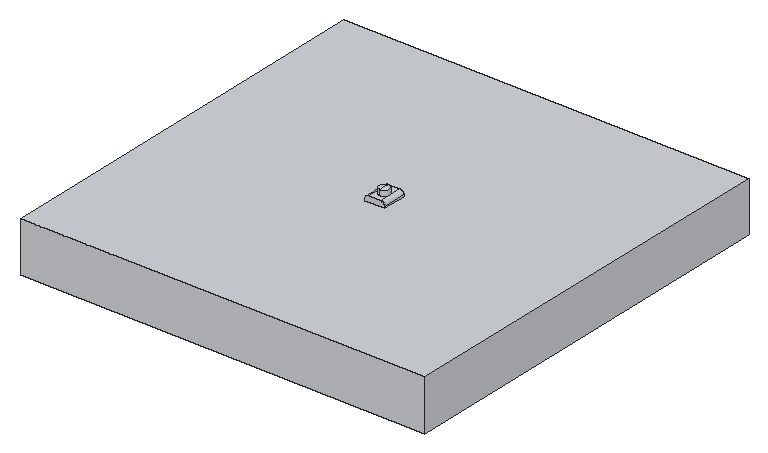
Revit family "M_Estroboscópio da sirene do alarme de incêndio - Montado na parede", category Dispositivos de alarme de incêndio, Revit 2019
Family settings
  Hospedeiro = Face
  Manter orientação da anotação = Sim
  Cota do conector redondo = Utilizar diâmetro
  Tipo de parte = Normal
  Número OmniClass = 23.85.30.21.11.17
  Título OmniClass = Other Components
  ID de item do Seek = Fire Alarm Horn Strobe - Wall Mounted-0000-CAN-ENU
  Corte com vazios quando carregada = Não
  Compartilhado = Não
  Ponto de cálculo do ambiente = Não
Parameters (values of type "Padrão")
  Material da sirene = none
  Elevação-padrão = 1200 mm
Reference planes
  plane 1 "Centro (Frente/Trás)": y = 0
  plane 2: z = 0
  plane 3 "Centro (Esquerda/Direita)": x = 0
  plane 4: z = -38.1
  plane 5: z = 33.02
  plane 6: z = 63.5
  plane 7: x = 59.69
  plane 8: x = -59.69
  plane 9: y = 71.12
  plane 10: y = -71.12
Forms (mm)
  Extrusion 1, solid
    sketch origin (0, 0, 0) x (1, 0, 0) y (0, 1, 0)
      loop
        line (-1219.2, 1219.2) -> (-1219.2, -1219.2) -> (1219.2, -1219.2) -> (1219.2, 1219.2) -> (-1219.2, 1219.2)
    from 0 to -304.8
  Extrusion 2, solid, material <- "Material da sirene"
    sketch origin (0, 0, 0) x (1, 0, 0) y (0, 1, 0)
      loop
        line (-50.8, 50.8) -> (-50.8, -50.8) -> (50.8, -50.8) -> (50.8, 50.8) -> (-50.8, 50.8)
    from 0 to -38.1
  Revolve 3, solid, material <- "Material da sirene"
    sketch origin (0, 0, 0) x (0, 1, 0) y (0, 0, 1)
      loop
        arc (31.75, 58.412) -> (16.078, 62.22) -> (0, 63.5) r 101.6
        line (0, 63.5) -> (0, 33.02) -> (31.75, 33.02) -> (31.75, 58.412)
      axis (0, 63.5) -> (0, 33.02)
    angle from 0 to 360
  Extrusion 4, solid, material <- "Material da sirene"
    sketch origin (0, 0, 0) x (1, 0, 0) y (0, 0, 1)
      loop
        line (-59.69, 0) -> (59.69, 0) -> (59.69, 7.62)
        arc (59.69, 7.62) -> (52.251, 25.581) -> (34.29, 33.02) r 25.4
        line (34.29, 33.02) -> (-34.29, 33.02)
        arc (-34.29, 33.02) -> (-52.251, 25.581) -> (-59.69, 7.62) r 25.4
        line (-59.69, 7.62) -> (-59.69, 0)
    from -71.12 to 71.12
Cuts and joins
  joined: Extrusion 2, Revolve 3, Extrusion 4
Lines and regions (mm)
  symbolic lines, detail levels fine
    curve 1: line (34.29, 0, 33.02) -> (-34.29, 0, 33.02)
    curve 2: line (-59.69, 0, 0) -> (59.69, 0, 0)
    curve 3: line (-50.8, 0, 0) -> (-50.8, 0, -38.1)
    curve 4: line (-50.8, 0, -38.1) -> (50.8, 0, -38.1)
    curve 5: line (50.8, 0, -38.1) -> (50.8, 0, 0)
    curve 6: line (31.75, 0, 58.412) -> (-31.75, 0, 58.412)
    curve 7: line (-31.75, 0, 58.412) -> (-31.75, 0, 33.02)
    curve 8: line (31.75, 0, 58.412) -> (31.75, 0, 33.02)
    curve 9: arc (-31.75, 0, 58.412) -> (0, 0, 63.5) -> (31.75, 0, 58.412) r 101.6
    curve 10: arc (-34.29, 0, 33.02) -> (-52.251, 0, 25.581) -> (-59.69, 0, 7.62) r 25.4
    curve 11: line (-59.69, 0, 7.62) -> (-59.69, 0, 0)
    curve 12: arc (59.69, 0, 7.62) -> (52.251, 0, 25.581) -> (34.29, 0, 33.02) r 25.4
    curve 13: line (59.69, 0, 0) -> (59.69, 0, 7.62)
Dimensions and locks
  locked: plane 2 to plane 4 at 38.1
  locked: plane 5 to plane 2 at 33.02
  locked: plane 6 to plane 2 at 63.5
  locked: plane 8 to plane 7 at 119.38
  equal spacing: plane 8, plane 3 "Centro (Esquerda/Direita)", plane 7
  equal spacing: plane 10, plane 1 "Centro (Frente/Trás)", plane 9
  locked: plane 10 to plane 9 at 142.24
  equal spacing: Extrusion 2 sketch curve, plane 3 "Centro (Esquerda/Direita)", Extrusion 2 sketch curve
  locked: Extrusion 2 sketch curve to Extrusion 2 sketch curve at 101.6  (x2)
  equal spacing: Extrusion 2 sketch curve, plane 1 "Centro (Frente/Trás)", Extrusion 2 sketch curve
  aligned and locked: plane 2 to Extrusion 1
  aligned and locked: level to Extrusion 1
  aligned and locked: Extrusion 2 to plane 4
  aligned and locked: plane 2 to Extrusion 2
  aligned and locked: plane 1 "Centro (Frente/Trás)" to Revolve 3 sketch curve
  aligned and locked: Revolve 3 sketch curve to plane 5
  aligned and locked: plane 1 "Centro (Frente/Trás)" to nested 1
  aligned and locked: plane 3 "Centro (Esquerda/Direita)" to nested 1
  aligned and locked: Extrusion 4 sketch curve to plane 2
  aligned and locked: Extrusion 4 sketch curve to plane 8
  aligned and locked: plane 7 to Extrusion 4 sketch curve
  aligned and locked: Extrusion 4 sketch curve to plane 5
  aligned and locked: Extrusion 4 to plane 9
  aligned and locked: Extrusion 4 to plane 10
  aligned and locked: curve 10 to Extrusion 4
  aligned and locked: curve 12 to Extrusion 4
  aligned and locked: curve 13 to Extrusion 4
Automatic sketch dimensions
  Extrusion 1 sketch curve to Extrusion 1 sketch curve = 2438.4 mm  (x2)
  Revolve 3 sketch curve to plane 1 "Centro (Frente/Trás)" = 0 mm
  Revolve 3 sketch curve to plane 4 = 0 mm
  plane 6 to Revolve 3 sketch curve = 0 mm
  Revolve 3 sketch curve to Revolve 3 sketch curve = 31.75 mm
  plane 4 to Revolve 3 sketch curve = 13.97 mm
  Revolve 3 sketch curve to Revolve 3 sketch curve = 39.37 mm
  curve 9 to plane 3 "Centro (Esquerda/Direita)" = 0 mm
  curve 9 to plane 4 = 0 mm
  plane 6 to curve 7 = 5.088 mm
  curve 8 to curve 1 = 2.54 mm
  level to Extrusion 4 sketch curve = 7.62 mm
  Extrusion 4 sketch curve to plane 7 = 25.4 mm
  curve 4 to plane 4 = 0 mm
  curve 4 to plane 8 = 8.89 mm
  curve 4 to plane 7 = 8.89 mm
  curve 2 to level = 0 mm
  curve 1 to curve 6 = 2.54 mm
Nested families
  nested 1: "M_Anotação do estroboscópio da sirene do alarme de incêndio 1" at (0, 0, 0), type "Anotação do estroboscópio da sirene do alarme de incêndio 1", detail levels coarse+medium
Connectors
  electrical at (0, 50.8, -19.05)
    settings: on cut or joined group of Extrusion 2, Revolve 3, Extrusion 4, index 1, voltage 0 V, apparent load 0 VA, apparent load phase1 0 VA, apparent load phase2 0 VA, apparent load phase3 0 VA, power factor 1, load classification "Outros", number of poles 1, system type 11, power factor state 1, is connector primary yes, connector utility no, sub classification motor no, connector description ""
Definition of nested family "M_Anotação do estroboscópio da sirene do alarme de incêndio 1"
  Parameters
    Anotação de legenda = "F"
  Reference planes
    plane 1: y = 0
    plane 2: x = 0
  Lines and regions (mm)
    reference lines
      curve 1: line (-3.175, 30.805, 0) -> (-3.175, -4.716, 0)
      curve 2: line (0, 36.254, 0) -> (0, -4.716, 0)
      curve 3: line (-6.692, 3.175, 0) -> (10.404, 3.175, 0)
      curve 8: line (3.175, 6.294, 0) -> (3.175, -3.776, 0)
      curve 9: line (-9.871, 1.588, 0) -> (21.048, 1.588, 0)
      curve 10: line (1.587, 4.358, 0) -> (1.587, -2.735, 0)
    detail lines
      curve 4: line (-3.175, 3.175, 0) -> (0, 3.175, 0)
      curve 5: line (-3.175, 0, 0) -> (-3.175, 3.175, 0)
      curve 6: line (0, 0, 0) -> (-3.175, 0, 0)
      curve 7: line (0, 3.175, 0) -> (0, 0, 0)
      curve 11: circle (1.587, 1.588, 0) r 1.587 normal (0, 0, 1)
      curve 12: line (0, 3.175, 0) -> (0.465, 2.71, 0)
      curve 13: line (3.175, 3.175, 0) -> (2.71, 2.71, 0)
      curve 14: line (0, 0, 0) -> (0.465, 0.465, 0)
      curve 15: line (3.175, 0, 0) -> (2.71, 0.465, 0)
  Text (mm)
    label "F" at (-2.642, 1.52, 0), shows "Anotação de legenda"
  Dimensions and locks
    locked: plane 1 to curve 3 at 3.175
    locked: curve 2 to curve 8 at 3.175
    locked: curve 1 to curve 2 at 3.175
    locked: curve 2 to plane 2 at 0
    locked: plane 1 to curve 9 at 1.588
    locked: curve 2 to curve 10 at 1.587
    aligned and locked: curve 3 to curve 4
    aligned and locked: curve 2 to curve 7
    aligned and locked: curve 6 to plane 1
    aligned and locked: curve 5 to curve 1
    aligned and locked: curve 9 to curve 11
    aligned and locked: curve 10 to curve 11
